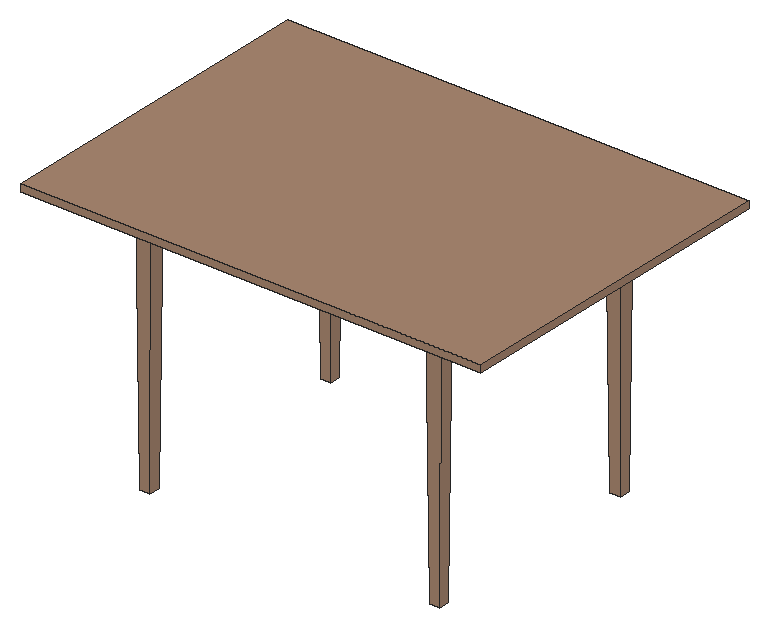
Revit family
Parameters (values of type "Open - 1240 x 900mm")
  Width = 1240 mm
  Material = Wood - Mahogany
  Manufacturer = "Revit"
  Keynote = "N"
  Depth = 900 mm
Types (3, lengths in mm): name | Width | Depth
  (no name) | 1240 | 900
  Closed - 900 x 660mm | 900 | 660
  Open - 1240 x 900mm | 1240 | 900
Reference planes
  plane 1 "Centro A/I": y = 0
  plane 2: z = 0
  plane 3 "Centro S/D": x = 0
  plane 4: x = -620
  plane 5: x = 620
  plane 6: y = 450
  plane 7: y = -450
Forms (mm)
  Extrusion 1, solid, material "Wood - Mahogany" <- "Material"
    sketch origin (73.728, -257.654, 0) x (1, 0, 0) y (0, 1, 0)
      loop
        line (-693.728, 707.654) -> (-693.728, -192.346) -> (546.272, -192.346) -> (546.272, 707.654) -> (-693.728, 707.654)
    from 700 to 720
  Blend 2, solid, material "Wood - Mahogany" <- "Material"
    base sketch origin (80.353, -24.794, 0) x (1, 0, 0) y (0, 1, 0)
      loop
        line (-484.378, 342.794) -> (-484.378, 314.794) -> (-456.378, 314.794) -> (-456.378, 342.794) -> (-484.378, 342.794)
    top sketch origin (80.353, -24.794, 0) x (1, 0, 0) y (0, 1, 0)
      loop
        line (-490.353, 348.794) -> (-490.353, 308.794) -> (-450.353, 308.794) -> (-450.353, 348.794) -> (-490.353, 348.794)
    from 0 to 700
  Blend 3, solid, material "Wood - Mahogany" <- "Material"
    base sketch origin (-80.353, -24.794, 0) x (-1, 0, 0) y (0, -1, 0)
      loop
        line (-484.378, -342.794) -> (-456.378, -342.794) -> (-456.378, -314.794) -> (-484.378, -314.794) -> (-484.378, -342.794)
    top sketch origin (-80.353, -24.794, 0) x (-1, 0, 0) y (0, -1, 0)
      loop
        line (-490.353, -348.794) -> (-450.353, -348.794) -> (-450.353, -308.794) -> (-490.353, -308.794) -> (-490.353, -348.794)
    from 0 to 700
  Blend 4, solid, material "Wood - Mahogany" <- "Material"
    base sketch origin (80.353, 24.794, 0) x (1, 0, 0) y (0, 1, 0)
      loop
        line (-484.378, -342.794) -> (-456.378, -342.794) -> (-456.378, -314.794) -> (-484.378, -314.794) -> (-484.378, -342.794)
    top sketch origin (80.353, 24.794, 0) x (1, 0, 0) y (0, 1, 0)
      loop
        line (-490.353, -348.794) -> (-450.353, -348.794) -> (-450.353, -308.794) -> (-490.353, -308.794) -> (-490.353, -348.794)
    from 0 to 700
  Blend 5, solid, material "Wood - Mahogany" <- "Material"
    base sketch origin (-80.353, 24.794, 0) x (-1, 0, 0) y (0, -1, 0)
      loop
        line (-484.378, 342.794) -> (-484.378, 314.794) -> (-456.378, 314.794) -> (-456.378, 342.794) -> (-484.378, 342.794)
    top sketch origin (-80.353, 24.794, 0) x (-1, 0, 0) y (0, -1, 0)
      loop
        line (-490.353, 348.794) -> (-490.353, 308.794) -> (-450.353, 308.794) -> (-450.353, 348.794) -> (-490.353, 348.794)
    from 0 to 700
  Extrusion 6, solid, material "Wood - Mahogany" <- "Material"
    sketch origin (0, 0, 0) x (1, 0, 0) y (0, 1, 0)
      loop
        line (-370, 311.118) -> (-370, 296.118) -> (370, 296.118) -> (370, 311.118) -> (-370, 311.118)
    from 640 to 700
  Extrusion 7, solid, material "Wood - Mahogany" <- "Material"
    sketch origin (0, 0, 0) x (1, 0, 0) y (0, 1, 0)
      loop
        line (-370, -311.118) -> (370, -311.118) -> (370, -296.118) -> (-370, -296.118) -> (-370, -311.118)
    from 640 to 700
  Extrusion 8, solid, material "Wood - Mahogany" <- "Material"
    sketch origin (-698.618, -86, 0) x (0, 1, 0) y (-1, 0, 0)
      loop
        line (-197.021, -311.118) -> (370, -311.118) -> (370, -296.118) -> (-197.021, -296.118) -> (-197.021, -311.118)
    from 640 to 700
  Extrusion 9, solid, material "Wood - Mahogany" <- "Material"
    sketch origin (698.618, -86, 0) x (0, 1, 0) y (-1, 0, 0)
      loop
        line (-197.021, 311.118) -> (-197.021, 296.118) -> (370, 296.118) -> (370, 311.118) -> (-197.021, 311.118)
    from 640 to 700
Lines and regions (mm)
  Masking region 1
    outline origin (0, 0, 0) x (1, 0, 0) y (0, 1, 0)
      loop
        line (-620, 450) -> (-620, -450) -> (620, -450) -> (620, 450) -> (-620, 450)
  symbolic lines
    curve 1: line (-620, 450, 0) -> (620, 450, 0)
    curve 2: line (-620, -450, 0) -> (-620, 450, 0)
    curve 3: line (620, -450, 0) -> (-620, -450, 0)
    curve 4: line (620, 450, 0) -> (620, -450, 0)
Dimensions and locks
  "Width": plane 4 to plane 5
  equal spacing: plane 4, plane 3 "Centro S/D", plane 5
  equal spacing: plane 7, plane 1 "Centro A/I", plane 6
  "Depth": plane 7 to plane 6
  aligned and locked: plane 4 to Extrusion 1 sketch curve
  aligned and locked: plane 5 to Extrusion 1 sketch curve
  aligned and locked: plane 6 to Extrusion 1 sketch curve
  aligned and locked: plane 7 to Extrusion 1 sketch curve
  aligned and locked: curve 1 to Extrusion 1  (x2)
  aligned and locked: Extrusion 1 to curve 4
  aligned and locked: curve 4 to Extrusion 1
  aligned and locked: Masking region 1 to Extrusion 1  (x4)
Automatic sketch dimensions
  Blend 2 sketch curve to plane 3 "Centro S/D" = 404.025 mm
  Blend 2 sketch curve to Blend 2 sketch curve = 28 mm  (x2)
  Blend 2 sketch curve to plane 1 "Centro A/I" = 290 mm
  Blend 2 sketch curve to plane 3 "Centro S/D" = 410 mm
  Blend 2 sketch curve to Blend 2 sketch curve = 40 mm  (x2)
  Blend 2 sketch curve to plane 1 "Centro A/I" = 284 mm
  plane 3 "Centro S/D" to Blend 3 sketch curve = 404.025 mm
  Blend 3 sketch curve to Blend 3 sketch curve = 28 mm  (x2)
  Blend 3 sketch curve to plane 1 "Centro A/I" = 318 mm
  plane 3 "Centro S/D" to Blend 3 sketch curve = 410 mm
  Blend 3 sketch curve to Blend 3 sketch curve = 40 mm  (x2)
  Blend 3 sketch curve to plane 1 "Centro A/I" = 324 mm
  Blend 4 sketch curve to plane 3 "Centro S/D" = 404.025 mm
  Blend 4 sketch curve to Blend 4 sketch curve = 28 mm  (x2)
  plane 1 "Centro A/I" to Blend 4 sketch curve = 318 mm
  Blend 4 sketch curve to plane 3 "Centro S/D" = 410 mm
  Blend 4 sketch curve to Blend 4 sketch curve = 40 mm  (x2)
  plane 1 "Centro A/I" to Blend 4 sketch curve = 324 mm
  plane 3 "Centro S/D" to Blend 5 sketch curve = 404.025 mm
  Blend 5 sketch curve to Blend 5 sketch curve = 28 mm  (x2)
  plane 1 "Centro A/I" to Blend 5 sketch curve = 290 mm
  plane 3 "Centro S/D" to Blend 5 sketch curve = 410 mm
  Blend 5 sketch curve to Blend 5 sketch curve = 40 mm  (x2)
  plane 1 "Centro A/I" to Blend 5 sketch curve = 284 mm
  Extrusion 6 sketch curve to plane 3 "Centro S/D" = 370 mm
  plane 3 "Centro S/D" to Extrusion 6 sketch curve = 370 mm
  Extrusion 6 sketch curve to plane 1 "Centro A/I" = 296.118 mm
  Extrusion 6 sketch curve to Extrusion 6 sketch curve = 15 mm
  Extrusion 7 sketch curve to plane 3 "Centro S/D" = 370 mm
  plane 3 "Centro S/D" to Extrusion 7 sketch curve = 370 mm
  plane 1 "Centro A/I" to Extrusion 7 sketch curve = 311.118 mm
  Extrusion 7 sketch curve to Extrusion 7 sketch curve = 15 mm
  plane 1 "Centro A/I" to Extrusion 8 sketch curve = 283.021 mm
  Extrusion 8 sketch curve to plane 1 "Centro A/I" = 284 mm
  Extrusion 8 sketch curve to plane 3 "Centro S/D" = 387.5 mm
  Extrusion 8 sketch curve to Extrusion 8 sketch curve = 15 mm
  plane 1 "Centro A/I" to Extrusion 9 sketch curve = 283.021 mm
  Extrusion 9 sketch curve to plane 1 "Centro A/I" = 284 mm
  plane 3 "Centro S/D" to Extrusion 9 sketch curve = 402.5 mm
  Extrusion 9 sketch curve to Extrusion 9 sketch curve = 15 mm
  Masking region 1 sketch curve to plane 3 "Centro S/D" = 620 mm
  plane 3 "Centro S/D" to Masking region 1 sketch curve = 620 mm
  plane 1 "Centro A/I" to Masking region 1 sketch curve = 450 mm
  Masking region 1 sketch curve to plane 1 "Centro A/I" = 450 mm
